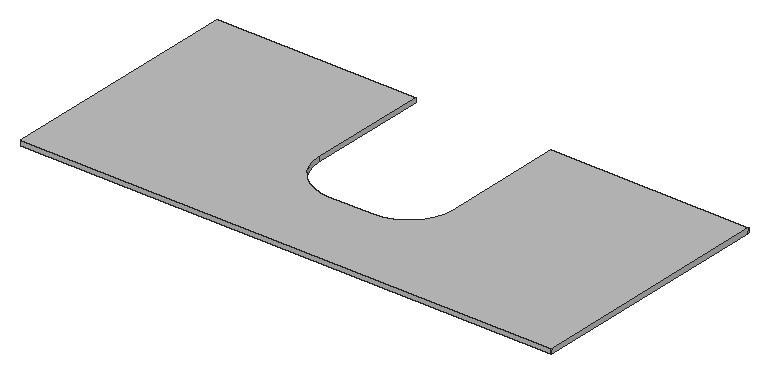
Revit family "console-hansgrohe-54210XXX-Xevolos E Console 1180_550 with cutout middle for countertop basin ground 500_480 and 600_480", category Furniture, Revit 2019
Family settings
  OmniClass Number = 23.40.00.00
  OmniClass Title = Equipment and Furnishings
  Work Plane-Based = No
  Always vertical = Yes
  Cut with Voids When Loaded = No
  Shared = Yes
  Room Calculation Point = No
Parameters (values of type "54210-54210700-MATTE_WHITE-400")
  etim7_EC011381 = "EC011381"
  WEIGHT = "4.4"
  UNSPSC = "56 | Furniture and Furnishings"
  UNIFORMATII = "E2010 | Fixed Furnishings"
  UNICLASS_2015_CODE = "40_30_78_05"
  UNICLASS2015 = "Pr_40_20_76_94 | Vanity units"
  SURFACE = "MATTE_WHITE"
  SPECIFICATION = "https://pro.hansgrohe.com/articledetail--54210700"
  REGIONSET = "Worldwide"
  PRODUCTGROUP = "console"
  PRODUCTFAMILY = "Xevolos E"
  PERMALINK = "54210XXX"
  OMNICLASS = "23-19 31 17 11 | Bathroom Units"
  OBJECTTYPE = "Object (single object)"
  NN = "Console with cutout for countertop basin ground"
  NBSYN = "$BASENUMBER.-$ARTNR.-$SURFACE.-$LODLEVEL."
  NB = "54210-54210700-MATTE_WHITE-400"
  NAME = "Xevolos E Console 1180/550 with cutout middle for countertop basin ground 500/480 and 600/480"
  Model = "54210-54210700-MATTE_WHITE-400"
  Manufacturer = "Hansgrohe"
  MIdent = "{$CADENAS_DATA/23d-libs/hansgrohe/xevolos_furniture/xevolos_console_cutout_for_countertop_basin_ground/console_with_cutout_for_countertop_basinground.prj},250 {VTYP=3D},{NB=54210-54210700-MATTE_WHITE-400},{LINA=54210-54210700-MATTE_WHITE-400},{NN=Console with cutout for countertop basin ground},{DATE=13.03.2023 11:42:46},{GEOMDATE=12.03.2023 06:46:48},{VERSION=},{LINEID=130},{WBVAR=LODLEVEL},{WBNUMERIC=}  {NB=54210-54210700-MATTE_WHITE-400},{LINA=54210-54210700-MATTE_WHITE-400},{KT=DUMMY},{IDNR=13},{ARTNR=54210700},{BASENUMBER=54210},{MODEL=54210XXX},{SURFACE=MATTE_WHITE},{L=1184},{LODLEVEL=400},{LODLEVELX='400','400','200','200'},{L1=300},{LL=592},{NAME=Xevolos E Console 1180/550 with cutout middle for countertop basin ground 500/480 and 600/480},{PERMALINK=54210XXX},{OBJECTTYPE=Object (single object)},{BIMOBJECT=Sanitary: Compound units},{PRODUCTFAMILY=Xevolos E},{PRODUCTGROUP=console},{WEIGHT=4.4},{DESCRIPTION=Xevolos E Console 1180/550 with cutout middle for countertop basin ground 500/480 and 600/480},{SPECIFICATION=https://pro.hansgrohe.com/articledetail--54210700},{PRODUCTURL=0},{GTINCODE=0},{TENDERURL=0},{IFC=Furnishing element},{ETIM=EC011381 | Bathroom furniture set},{UNICLASS2015=Pr_40_20_76_94 | Vanity units},{OMNICLASS=23-19 31 17 11 | Bathroom Units},{MASTERFORMAT=12 35 30.23 | Bathroom Casework},{UNSPSC=56 | Furniture and Furnishings},{UNIFORMATII=E2010 | Fixed Furnishings},{REGIONSET=Worldwide},{DESIGN=Germany},{MANUFACTURER=Germany}"
  MASTERFORMAT = "12 35 30.23 | Bathroom Casework"
  LODLEVEL = "400"
  LL = 592
  LINA = "54210-54210700-MATTE_WHITE-400"
  L1 = 300
  L = 1184
  IFC = "Furnishing element"
  IDNR = 13
  ETIM = "EC011381 | Bathroom furniture set"
  DESIGN = "Germany"
  CATALOG = "Hansgrohe"
  BIMOBJECT = "Sanitary: Compound units"
  BASENUMBER = "54210"
  ARTNR = "54210700"
  54210-54210780-SAND_MATT_BEIGE-400_RX0RY0RZ0TX0TY0TZ0_V = no
  54210-54210780-SAND_MATT_BEIGE-200_RX0RY0RZ0TX0TY0TZ0_V = no
  54210-54210760-SLATE_MATT_GREY-400_RX0RY0RZ0TX0TY0TZ0_V = no
  54210-54210760-SLATE_MATT_GREY-200_RX0RY0RZ0TX0TY0TZ0_V = no
  54210-54210700-MATTE_WHITE-400_RX0RY0RZ0TX0TY0TZ0_V = yes
  54210-54210700-MATTE_WHITE-200_RX0RY0RZ0TX0TY0TZ0_V = no
Types (6, lengths in mm): name | SURFACE | NB | Model | MIdent | LODLEVEL | LINA | IDNR | ARTNR | 54210-54210780-SAND_MATT_BEIGE-400_RX0RY0RZ0TX0TY0TZ0_V | 54210-54210780-SAND_MATT_BEIGE-200_RX0RY0RZ0TX0TY0TZ0_V | 54210-54210760-SLATE_MATT_GREY-400_RX0RY0RZ0TX0TY0TZ0_V | 54210-54210760-SLATE_MATT_GREY-200_RX0RY0RZ0TX0TY0TZ0_V | 54210-54210700-MATTE_WHITE-400_RX0RY0RZ0TX0TY0TZ0_V | 54210-54210700-MATTE_WHITE-200_RX0RY0RZ0TX0TY0TZ0_V
  54210-54210700-MATTE_WHITE-200 | "MATTE_WHITE" | "54210-54210700-MATTE_WHITE-200" | "54210-54210700-MATTE_WHITE-200" | "{$CADENAS_DATA/23d-libs/hansgrohe/xevolos_furniture/xevolos_console_cutout_for_countertop_basin_ground/console_with_cutout_for_countertop_basinground.prj},250 {VTYP=3D},{NB=54210-54210700-MATTE_WHITE-200},{LINA=54210-54210700-MATTE_WHITE-200},{NN=Console with cutout for countertop basin ground},{DATE=13.03.2023 11:42:46},{GEOMDATE=12.03.2023 06:46:48},{VERSION=},{LINEID=130},{WBVAR=LODLEVEL},{WBNUMERIC=}  {NB=54210-54210700-MATTE_WHITE-200},{LINA=54210-54210700-MATTE_WHITE-200},{KT=DUMMY},{IDNR=13},{ARTNR=54210700},{BASENUMBER=54210},{MODEL=54210XXX},{SURFACE=MATTE_WHITE},{L=1184},{LODLEVEL=200},{LODLEVELX='400','400','200','200'},{L1=300},{LL=592},{NAME=Xevolos E Console 1180/550 with cutout middle for countertop basin ground 500/480 and 600/480},{PERMALINK=54210XXX},{OBJECTTYPE=Object (single object)},{BIMOBJECT=Sanitary: Compound units},{PRODUCTFAMILY=Xevolos E},{PRODUCTGROUP=console},{WEIGHT=4.4},{DESCRIPTION=Xevolos E Console 1180/550 with cutout middle for countertop basin ground 500/480 and 600/480},{SPECIFICATION=https://pro.hansgrohe.com/articledetail--54210700},{PRODUCTURL=0},{GTINCODE=0},{TENDERURL=0},{IFC=Furnishing element},{ETIM=EC011381 | Bathroom furniture set},{UNICLASS2015=Pr_40_20_76_94 | Vanity units},{OMNICLASS=23-19 31 17 11 | Bathroom Units},{MASTERFORMAT=12 35 30.23 | Bathroom Casework},{UNSPSC=56 | Furniture and Furnishings},{UNIFORMATII=E2010 | Fixed Furnishings},{REGIONSET=Worldwide},{DESIGN=Germany},{MANUFACTURER=Germany}" | "200" | "54210-54210700-MATTE_WHITE-200" | 13 | "54210700" | no | no | no | no | no | yes
  54210-54210700-MATTE_WHITE-400 | "MATTE_WHITE" | "54210-54210700-MATTE_WHITE-400" | "54210-54210700-MATTE_WHITE-400" | "{$CADENAS_DATA/23d-libs/hansgrohe/xevolos_furniture/xevolos_console_cutout_for_countertop_basin_ground/console_with_cutout_for_countertop_basinground.prj},250 {VTYP=3D},{NB=54210-54210700-MATTE_WHITE-400},{LINA=54210-54210700-MATTE_WHITE-400},{NN=Console with cutout for countertop basin ground},{DATE=13.03.2023 11:42:46},{GEOMDATE=12.03.2023 06:46:48},{VERSION=},{LINEID=130},{WBVAR=LODLEVEL},{WBNUMERIC=}  {NB=54210-54210700-MATTE_WHITE-400},{LINA=54210-54210700-MATTE_WHITE-400},{KT=DUMMY},{IDNR=13},{ARTNR=54210700},{BASENUMBER=54210},{MODEL=54210XXX},{SURFACE=MATTE_WHITE},{L=1184},{LODLEVEL=400},{LODLEVELX='400','400','200','200'},{L1=300},{LL=592},{NAME=Xevolos E Console 1180/550 with cutout middle for countertop basin ground 500/480 and 600/480},{PERMALINK=54210XXX},{OBJECTTYPE=Object (single object)},{BIMOBJECT=Sanitary: Compound units},{PRODUCTFAMILY=Xevolos E},{PRODUCTGROUP=console},{WEIGHT=4.4},{DESCRIPTION=Xevolos E Console 1180/550 with cutout middle for countertop basin ground 500/480 and 600/480},{SPECIFICATION=https://pro.hansgrohe.com/articledetail--54210700},{PRODUCTURL=0},{GTINCODE=0},{TENDERURL=0},{IFC=Furnishing element},{ETIM=EC011381 | Bathroom furniture set},{UNICLASS2015=Pr_40_20_76_94 | Vanity units},{OMNICLASS=23-19 31 17 11 | Bathroom Units},{MASTERFORMAT=12 35 30.23 | Bathroom Casework},{UNSPSC=56 | Furniture and Furnishings},{UNIFORMATII=E2010 | Fixed Furnishings},{REGIONSET=Worldwide},{DESIGN=Germany},{MANUFACTURER=Germany}" | "400" | "54210-54210700-MATTE_WHITE-400" | 13 | "54210700" | no | no | no | no | yes | no
  54210-54210760-SLATE_MATT_GREY-200 | "SLATE_MATT_GREY" | "54210-54210760-SLATE_MATT_GREY-200" | "54210-54210760-SLATE_MATT_GREY-200" | "{$CADENAS_DATA/23d-libs/hansgrohe/xevolos_furniture/xevolos_console_cutout_for_countertop_basin_ground/console_with_cutout_for_countertop_basinground.prj},258 {VTYP=3D},{NB=54210-54210760-SLATE_MATT_GREY-200},{LINA=54210-54210760-SLATE_MATT_GREY-200},{NN=Console with cutout for countertop basin ground},{DATE=13.03.2023 11:42:46},{GEOMDATE=12.03.2023 06:46:48},{VERSION=},{LINEID=140},{WBVAR=LODLEVEL},{WBNUMERIC=}  {NB=54210-54210760-SLATE_MATT_GREY-200},{LINA=54210-54210760-SLATE_MATT_GREY-200},{KT=DUMMY},{IDNR=14},{ARTNR=54210760},{BASENUMBER=54210},{MODEL=54210XXX},{SURFACE=SLATE_MATT_GREY},{L=1184},{LODLEVEL=200},{LODLEVELX='400','400','200','200'},{L1=300},{LL=592},{NAME=Xevolos E Console 1180/550 with cutout middle for countertop basin ground 500/480 and 600/480},{PERMALINK=54210XXX},{OBJECTTYPE=Object (single object)},{BIMOBJECT=Sanitary: Compound units},{PRODUCTFAMILY=Xevolos E},{PRODUCTGROUP=console},{WEIGHT=4.4},{DESCRIPTION=Xevolos E Console 1180/550 with cutout middle for countertop basin ground 500/480 and 600/480},{SPECIFICATION=https://pro.hansgrohe.com/articledetail--54210700},{PRODUCTURL=0},{GTINCODE=0},{TENDERURL=0},{IFC=Furnishing element},{ETIM=EC011381 | Bathroom furniture set},{UNICLASS2015=Pr_40_20_76_94 | Vanity units},{OMNICLASS=23-19 31 17 11 | Bathroom Units},{MASTERFORMAT=12 35 30.23 | Bathroom Casework},{UNSPSC=56 | Furniture and Furnishings},{UNIFORMATII=E2010 | Fixed Furnishings},{REGIONSET=Worldwide},{DESIGN=Germany},{MANUFACTURER=Germany}" | "200" | "54210-54210760-SLATE_MATT_GREY-200" | 14 | "54210760" | no | no | no | yes | no | no
  54210-54210760-SLATE_MATT_GREY-400 | "SLATE_MATT_GREY" | "54210-54210760-SLATE_MATT_GREY-400" | "54210-54210760-SLATE_MATT_GREY-400" | "{$CADENAS_DATA/23d-libs/hansgrohe/xevolos_furniture/xevolos_console_cutout_for_countertop_basin_ground/console_with_cutout_for_countertop_basinground.prj},258 {VTYP=3D},{NB=54210-54210760-SLATE_MATT_GREY-400},{LINA=54210-54210760-SLATE_MATT_GREY-400},{NN=Console with cutout for countertop basin ground},{DATE=13.03.2023 11:42:46},{GEOMDATE=12.03.2023 06:46:48},{VERSION=},{LINEID=140},{WBVAR=LODLEVEL},{WBNUMERIC=}  {NB=54210-54210760-SLATE_MATT_GREY-400},{LINA=54210-54210760-SLATE_MATT_GREY-400},{KT=DUMMY},{IDNR=14},{ARTNR=54210760},{BASENUMBER=54210},{MODEL=54210XXX},{SURFACE=SLATE_MATT_GREY},{L=1184},{LODLEVEL=400},{LODLEVELX='400','400','200','200'},{L1=300},{LL=592},{NAME=Xevolos E Console 1180/550 with cutout middle for countertop basin ground 500/480 and 600/480},{PERMALINK=54210XXX},{OBJECTTYPE=Object (single object)},{BIMOBJECT=Sanitary: Compound units},{PRODUCTFAMILY=Xevolos E},{PRODUCTGROUP=console},{WEIGHT=4.4},{DESCRIPTION=Xevolos E Console 1180/550 with cutout middle for countertop basin ground 500/480 and 600/480},{SPECIFICATION=https://pro.hansgrohe.com/articledetail--54210700},{PRODUCTURL=0},{GTINCODE=0},{TENDERURL=0},{IFC=Furnishing element},{ETIM=EC011381 | Bathroom furniture set},{UNICLASS2015=Pr_40_20_76_94 | Vanity units},{OMNICLASS=23-19 31 17 11 | Bathroom Units},{MASTERFORMAT=12 35 30.23 | Bathroom Casework},{UNSPSC=56 | Furniture and Furnishings},{UNIFORMATII=E2010 | Fixed Furnishings},{REGIONSET=Worldwide},{DESIGN=Germany},{MANUFACTURER=Germany}" | "400" | "54210-54210760-SLATE_MATT_GREY-400" | 14 | "54210760" | no | no | yes | no | no | no
  54210-54210780-SAND_MATT_BEIGE-200 | "SAND_MATT_BEIGE" | "54210-54210780-SAND_MATT_BEIGE-200" | "54210-54210780-SAND_MATT_BEIGE-200" | "{$CADENAS_DATA/23d-libs/hansgrohe/xevolos_furniture/xevolos_console_cutout_for_countertop_basin_ground/console_with_cutout_for_countertop_basinground.prj},258 {VTYP=3D},{NB=54210-54210780-SAND_MATT_BEIGE-200},{LINA=54210-54210780-SAND_MATT_BEIGE-200},{NN=Console with cutout for countertop basin ground},{DATE=13.03.2023 11:42:46},{GEOMDATE=12.03.2023 06:46:48},{VERSION=},{LINEID=150},{WBVAR=LODLEVEL},{WBNUMERIC=}  {NB=54210-54210780-SAND_MATT_BEIGE-200},{LINA=54210-54210780-SAND_MATT_BEIGE-200},{KT=DUMMY},{IDNR=15},{ARTNR=54210780},{BASENUMBER=54210},{MODEL=54210XXX},{SURFACE=SAND_MATT_BEIGE},{L=1184},{LODLEVEL=200},{LODLEVELX='400','400','200','200'},{L1=300},{LL=592},{NAME=Xevolos E Console 1180/550 with cutout middle for countertop basin ground 500/480 and 600/480},{PERMALINK=54210XXX},{OBJECTTYPE=Object (single object)},{BIMOBJECT=Sanitary: Compound units},{PRODUCTFAMILY=Xevolos E},{PRODUCTGROUP=console},{WEIGHT=4.4},{DESCRIPTION=Xevolos E Console 1180/550 with cutout middle for countertop basin ground 500/480 and 600/480},{SPECIFICATION=https://pro.hansgrohe.com/articledetail--54210700},{PRODUCTURL=0},{GTINCODE=0},{TENDERURL=0},{IFC=Furnishing element},{ETIM=EC011381 | Bathroom furniture set},{UNICLASS2015=Pr_40_20_76_94 | Vanity units},{OMNICLASS=23-19 31 17 11 | Bathroom Units},{MASTERFORMAT=12 35 30.23 | Bathroom Casework},{UNSPSC=56 | Furniture and Furnishings},{UNIFORMATII=E2010 | Fixed Furnishings},{REGIONSET=Worldwide},{DESIGN=Germany},{MANUFACTURER=Germany}" | "200" | "54210-54210780-SAND_MATT_BEIGE-200" | 15 | "54210780" | no | yes | no | no | no | no
  54210-54210780-SAND_MATT_BEIGE-400 | "SAND_MATT_BEIGE" | "54210-54210780-SAND_MATT_BEIGE-400" | "54210-54210780-SAND_MATT_BEIGE-400" | "{$CADENAS_DATA/23d-libs/hansgrohe/xevolos_furniture/xevolos_console_cutout_for_countertop_basin_ground/console_with_cutout_for_countertop_basinground.prj},258 {VTYP=3D},{NB=54210-54210780-SAND_MATT_BEIGE-400},{LINA=54210-54210780-SAND_MATT_BEIGE-400},{NN=Console with cutout for countertop basin ground},{DATE=13.03.2023 11:42:46},{GEOMDATE=12.03.2023 06:46:48},{VERSION=},{LINEID=150},{WBVAR=LODLEVEL},{WBNUMERIC=}  {NB=54210-54210780-SAND_MATT_BEIGE-400},{LINA=54210-54210780-SAND_MATT_BEIGE-400},{KT=DUMMY},{IDNR=15},{ARTNR=54210780},{BASENUMBER=54210},{MODEL=54210XXX},{SURFACE=SAND_MATT_BEIGE},{L=1184},{LODLEVEL=400},{LODLEVELX='400','400','200','200'},{L1=300},{LL=592},{NAME=Xevolos E Console 1180/550 with cutout middle for countertop basin ground 500/480 and 600/480},{PERMALINK=54210XXX},{OBJECTTYPE=Object (single object)},{BIMOBJECT=Sanitary: Compound units},{PRODUCTFAMILY=Xevolos E},{PRODUCTGROUP=console},{WEIGHT=4.4},{DESCRIPTION=Xevolos E Console 1180/550 with cutout middle for countertop basin ground 500/480 and 600/480},{SPECIFICATION=https://pro.hansgrohe.com/articledetail--54210700},{PRODUCTURL=0},{GTINCODE=0},{TENDERURL=0},{IFC=Furnishing element},{ETIM=EC011381 | Bathroom furniture set},{UNICLASS2015=Pr_40_20_76_94 | Vanity units},{OMNICLASS=23-19 31 17 11 | Bathroom Units},{MASTERFORMAT=12 35 30.23 | Bathroom Casework},{UNSPSC=56 | Furniture and Furnishings},{UNIFORMATII=E2010 | Fixed Furnishings},{REGIONSET=Worldwide},{DESIGN=Germany},{MANUFACTURER=Germany}" | "400" | "54210-54210780-SAND_MATT_BEIGE-400" | 15 | "54210780" | yes | no | no | no | no | no
Reference planes
  plane 1 "Center (Front/Back)": y = 0
  plane 2: z = 0
  plane 3 "Center (Left/Right)": x = 0
Dimensions and locks
  aligned and locked: level to plane 2
Nested families
  nested 1: "54210-54210700-matte_white-200_content" at (0, 0, 0), visible <- "54210-54210700-MATTE_WHITE-200_RX0RY0RZ0TX0TY0TZ0_V", ContentVisible <- "54210-54210700-MATTE_WHITE-200_RX0RY0RZ0TX0TY0TZ0_V", type "54210-54210700-MATTE_WHITE-200_Content"
    with ContentVisible no
  nested 2: "54210-54210700-matte_white-400_content" at (0, 0, 0), visible <- "54210-54210700-MATTE_WHITE-400_RX0RY0RZ0TX0TY0TZ0_V", ContentVisible <- "54210-54210700-MATTE_WHITE-400_RX0RY0RZ0TX0TY0TZ0_V", type "54210-54210700-MATTE_WHITE-400_Content"
    with ContentVisible yes
  nested 3: "54210-54210760-slate_matt_grey-200_content" at (0, 0, 0), visible <- "54210-54210760-SLATE_MATT_GREY-200_RX0RY0RZ0TX0TY0TZ0_V", ContentVisible <- "54210-54210760-SLATE_MATT_GREY-200_RX0RY0RZ0TX0TY0TZ0_V", type "54210-54210760-SLATE_MATT_GREY-200_Content"
    with ContentVisible no
  nested 4: "54210-54210760-slate_matt_grey-400_content" at (0, 0, 0), visible <- "54210-54210760-SLATE_MATT_GREY-400_RX0RY0RZ0TX0TY0TZ0_V", ContentVisible <- "54210-54210760-SLATE_MATT_GREY-400_RX0RY0RZ0TX0TY0TZ0_V", type "54210-54210760-SLATE_MATT_GREY-400_Content"
    with ContentVisible no
  nested 5: "54210-54210780-sand_matt_beige-200_content" at (0, 0, 0), visible <- "54210-54210780-SAND_MATT_BEIGE-200_RX0RY0RZ0TX0TY0TZ0_V", ContentVisible <- "54210-54210780-SAND_MATT_BEIGE-200_RX0RY0RZ0TX0TY0TZ0_V", type "54210-54210780-SAND_MATT_BEIGE-200_Content"
    with ContentVisible no
  nested 6: "54210-54210780-sand_matt_beige-400_content" at (0, 0, 0), visible <- "54210-54210780-SAND_MATT_BEIGE-400_RX0RY0RZ0TX0TY0TZ0_V", ContentVisible <- "54210-54210780-SAND_MATT_BEIGE-400_RX0RY0RZ0TX0TY0TZ0_V", type "54210-54210780-SAND_MATT_BEIGE-400_Content"
    with ContentVisible no
Definition of nested family "54210-54210700-matte_white-400_content"
  Parameters (values of type "54210-54210700-MATTE_WHITE-400_Content")
    etim7_EC011381 = "EC011381"
    WEIGHT = "4.4"
    UNSPSC = "56 | Furniture and Furnishings"
    UNIFORMATII = "E2010 | Fixed Furnishings"
    UNICLASS_2015_CODE = "40_30_78_05"
    UNICLASS2015 = "Pr_40_20_76_94 | Vanity units"
    SURFACE = "MATTE_WHITE"
    SPECIFICATION = "https://pro.hansgrohe.com/articledetail--54210700"
    REGIONSET = "Worldwide"
    PRODUCTGROUP = "console"
    PRODUCTFAMILY = "Xevolos E"
    PERMALINK = "54210XXX"
    OMNICLASS = "23-19 31 17 11 | Bathroom Units"
    OBJECTTYPE = "Object (single object)"
    NN = "Console with cutout for countertop basin ground"
    NBSYN = "$BASENUMBER.-$ARTNR.-$SURFACE.-$LODLEVEL."
    NB = "54210-54210700-MATTE_WHITE-400"
    NAME = "Xevolos E Console 1180/550 with cutout middle for countertop basin ground 500/480 and 600/480"
    Model = "54210-54210700-MATTE_WHITE-400"
    Manufacturer = "Hansgrohe"
    MASTERFORMAT = "12 35 30.23 | Bathroom Casework"
    LODLEVEL = "400"
    LL = 592
    LINA = "54210-54210700-MATTE_WHITE-400"
    L1 = 300
    L = 1184
    IFC = "Furnishing element"
    IDNR = 13
    ETIM = "EC011381 | Bathroom furniture set"
    Default Elevation = 1219.2 mm
    DESIGN = "Germany"
    ContentVisible [instance] = yes
    CATALOG = "Hansgrohe"
    BIMOBJECT = "Sanitary: Compound units"
    BASENUMBER = "54210"
    ARTNR = "54210700"
  Reference planes
    plane 1 "Center (Front/Back)": y = 0
    plane 2: z = 0
    plane 3 "Center (Left/Right)": x = 0
  Forms (mm)
    Extrusion 1, solid, visible <- "ContentVisible", detail levels medium+fine
      sketch origin (0, 0, 0) x (1, 0, 0) y (0, 1, 0)
        loop
          line (-592, -1.5) -> (-592, -548.5)
          arc (-592, -548.5) -> (-591.561, -549.561) -> (-590.5, -550) r 1.5
          line (-590.5, -550) -> (590.5, -550)
          arc (590.5, -550) -> (591.561, -549.561) -> (592, -548.5) r 1.5
          line (592, -548.5) -> (592, -1.5)
          arc (592, -1.5) -> (591.561, -0.439) -> (590.5, 0) r 1.5
          line (590.5, 0) -> (150, 0) -> (150, -270)
          arc (150, -270) -> (120.711, -340.711) -> (50, -370) r 100
          line (50, -370) -> (-50, -370)
          arc (-50, -370) -> (-120.711, -340.711) -> (-150, -270) r 100
          line (-150, -270) -> (-150, 0) -> (-590.5, 0)
          arc (-590.5, 0) -> (-591.561, -0.439) -> (-592, -1.5) r 1.5
      from 0 to 10
    Extrusion 2, solid, visible <- "ContentVisible", detail levels coarse
      sketch origin (0, -275, 0) x (1, 0, 0) y (0, 1, 0)
        loop
          line (-592, -275) -> (592, -275) -> (592, 275) -> (-592, 275) -> (-592, -275)
      from 0 to 10
  Dimensions and locks
    aligned and locked: level to plane 2
Definition of nested family "54210-54210700-matte_white-200_content"
  Parameters (values of type "54210-54210700-MATTE_WHITE-200_Content")
    etim7_EC011381 = "EC011381"
    WEIGHT = "4.4"
    UNSPSC = "56 | Furniture and Furnishings"
    UNIFORMATII = "E2010 | Fixed Furnishings"
    UNICLASS_2015_CODE = "40_30_78_05"
    UNICLASS2015 = "Pr_40_20_76_94 | Vanity units"
    SURFACE = "MATTE_WHITE"
    SPECIFICATION = "https://pro.hansgrohe.com/articledetail--54210700"
    REGIONSET = "Worldwide"
    PRODUCTGROUP = "console"
    PRODUCTFAMILY = "Xevolos E"
    PERMALINK = "54210XXX"
    OMNICLASS = "23-19 31 17 11 | Bathroom Units"
    OBJECTTYPE = "Object (single object)"
    NN = "Console with cutout for countertop basin ground"
    NBSYN = "$BASENUMBER.-$ARTNR.-$SURFACE.-$LODLEVEL."
    NB = "54210-54210700-MATTE_WHITE-200"
    NAME = "Xevolos E Console 1180/550 with cutout middle for countertop basin ground 500/480 and 600/480"
    Model = "54210-54210700-MATTE_WHITE-200"
    Manufacturer = "Hansgrohe"
    MASTERFORMAT = "12 35 30.23 | Bathroom Casework"
    LODLEVEL = "200"
    LL = 592
    LINA = "54210-54210700-MATTE_WHITE-200"
    L1 = 300
    L = 1184
    IFC = "Furnishing element"
    IDNR = 13
    ETIM = "EC011381 | Bathroom furniture set"
    Default Elevation = 1219.2 mm
    DESIGN = "Germany"
    ContentVisible [instance] = yes
    CATALOG = "Hansgrohe"
    BIMOBJECT = "Sanitary: Compound units"
    BASENUMBER = "54210"
    ARTNR = "54210700"
  Reference planes
    plane 1 "Center (Front/Back)": y = 0
    plane 2: z = 0
    plane 3 "Center (Left/Right)": x = 0
  Forms (mm)
    Extrusion 1, solid, visible <- "ContentVisible", detail levels medium+fine
      sketch origin (0, 0, 0) x (1, 0, 0) y (0, 1, 0)
        loop
          line (-592, 0) -> (-592, -550) -> (592, -550) -> (592, 0) -> (150, 0) -> (150, -460) -> (-150, -460) -> (-150, 0) -> (-592, 0)
      from 0 to 10
    Extrusion 2, solid, visible <- "ContentVisible", detail levels coarse
      sketch origin (0, -275, 0) x (1, 0, 0) y (0, 1, 0)
        loop
          line (-592, -275) -> (592, -275) -> (592, 275) -> (-592, 275) -> (-592, -275)
      from 0 to 10
  Dimensions and locks
    aligned and locked: level to plane 2
Definition of nested family "54210-54210760-slate_matt_grey-200_content"
  Parameters (values of type "54210-54210760-SLATE_MATT_GREY-200_Content")
    etim7_EC011381 = "EC011381"
    WEIGHT = "4.4"
    UNSPSC = "56 | Furniture and Furnishings"
    UNIFORMATII = "E2010 | Fixed Furnishings"
    UNICLASS_2015_CODE = "40_30_78_05"
    UNICLASS2015 = "Pr_40_20_76_94 | Vanity units"
    SURFACE = "SLATE_MATT_GREY"
    SPECIFICATION = "https://pro.hansgrohe.com/articledetail--54210700"
    REGIONSET = "Worldwide"
    PRODUCTGROUP = "console"
    PRODUCTFAMILY = "Xevolos E"
    PERMALINK = "54210XXX"
    OMNICLASS = "23-19 31 17 11 | Bathroom Units"
    OBJECTTYPE = "Object (single object)"
    NN = "Console with cutout for countertop basin ground"
    NBSYN = "$BASENUMBER.-$ARTNR.-$SURFACE.-$LODLEVEL."
    NB = "54210-54210760-SLATE_MATT_GREY-200"
    NAME = "Xevolos E Console 1180/550 with cutout middle for countertop basin ground 500/480 and 600/480"
    Model = "54210-54210760-SLATE_MATT_GREY-200"
    Manufacturer = "Hansgrohe"
    MASTERFORMAT = "12 35 30.23 | Bathroom Casework"
    LODLEVEL = "200"
    LL = 592
    LINA = "54210-54210760-SLATE_MATT_GREY-200"
    L1 = 300
    L = 1184
    IFC = "Furnishing element"
    IDNR = 14
    ETIM = "EC011381 | Bathroom furniture set"
    Default Elevation = 1219.2 mm
    DESIGN = "Germany"
    ContentVisible [instance] = yes
    CATALOG = "Hansgrohe"
    BIMOBJECT = "Sanitary: Compound units"
    BASENUMBER = "54210"
    ARTNR = "54210760"
  Reference planes
    plane 1 "Center (Front/Back)": y = 0
    plane 2: z = 0
    plane 3 "Center (Left/Right)": x = 0
  Forms (mm)
    Extrusion 1, solid, visible <- "ContentVisible", detail levels medium+fine
      sketch origin (0, 0, 0) x (1, 0, 0) y (0, 1, 0)
        loop
          line (-592, 0) -> (-592, -550) -> (592, -550) -> (592, 0) -> (150, 0) -> (150, -460) -> (-150, -460) -> (-150, 0) -> (-592, 0)
      from 0 to 10
    Extrusion 2, solid, visible <- "ContentVisible", detail levels coarse
      sketch origin (0, -275, 0) x (1, 0, 0) y (0, 1, 0)
        loop
          line (-592, -275) -> (592, -275) -> (592, 275) -> (-592, 275) -> (-592, -275)
      from 0 to 10
  Dimensions and locks
    aligned and locked: level to plane 2
Definition of nested family "54210-54210760-slate_matt_grey-400_content"
  Parameters (values of type "54210-54210760-SLATE_MATT_GREY-400_Content")
    etim7_EC011381 = "EC011381"
    WEIGHT = "4.4"
    UNSPSC = "56 | Furniture and Furnishings"
    UNIFORMATII = "E2010 | Fixed Furnishings"
    UNICLASS_2015_CODE = "40_30_78_05"
    UNICLASS2015 = "Pr_40_20_76_94 | Vanity units"
    SURFACE = "SLATE_MATT_GREY"
    SPECIFICATION = "https://pro.hansgrohe.com/articledetail--54210700"
    REGIONSET = "Worldwide"
    PRODUCTGROUP = "console"
    PRODUCTFAMILY = "Xevolos E"
    PERMALINK = "54210XXX"
    OMNICLASS = "23-19 31 17 11 | Bathroom Units"
    OBJECTTYPE = "Object (single object)"
    NN = "Console with cutout for countertop basin ground"
    NBSYN = "$BASENUMBER.-$ARTNR.-$SURFACE.-$LODLEVEL."
    NB = "54210-54210760-SLATE_MATT_GREY-400"
    NAME = "Xevolos E Console 1180/550 with cutout middle for countertop basin ground 500/480 and 600/480"
    Model = "54210-54210760-SLATE_MATT_GREY-400"
    Manufacturer = "Hansgrohe"
    MASTERFORMAT = "12 35 30.23 | Bathroom Casework"
    LODLEVEL = "400"
    LL = 592
    LINA = "54210-54210760-SLATE_MATT_GREY-400"
    L1 = 300
    L = 1184
    IFC = "Furnishing element"
    IDNR = 14
    ETIM = "EC011381 | Bathroom furniture set"
    Default Elevation = 1219.2 mm
    DESIGN = "Germany"
    ContentVisible [instance] = yes
    CATALOG = "Hansgrohe"
    BIMOBJECT = "Sanitary: Compound units"
    BASENUMBER = "54210"
    ARTNR = "54210760"
  Reference planes
    plane 1 "Center (Front/Back)": y = 0
    plane 2: z = 0
    plane 3 "Center (Left/Right)": x = 0
  Forms (mm)
    Extrusion 1, solid, visible <- "ContentVisible", detail levels medium+fine
      sketch origin (0, 0, 0) x (1, 0, 0) y (0, 1, 0)
        loop
          line (-592, -1.5) -> (-592, -548.5)
          arc (-592, -548.5) -> (-591.561, -549.561) -> (-590.5, -550) r 1.5
          line (-590.5, -550) -> (590.5, -550)
          arc (590.5, -550) -> (591.561, -549.561) -> (592, -548.5) r 1.5
          line (592, -548.5) -> (592, -1.5)
          arc (592, -1.5) -> (591.561, -0.439) -> (590.5, 0) r 1.5
          line (590.5, 0) -> (150, 0) -> (150, -270)
          arc (150, -270) -> (120.711, -340.711) -> (50, -370) r 100
          line (50, -370) -> (-50, -370)
          arc (-50, -370) -> (-120.711, -340.711) -> (-150, -270) r 100
          line (-150, -270) -> (-150, 0) -> (-590.5, 0)
          arc (-590.5, 0) -> (-591.561, -0.439) -> (-592, -1.5) r 1.5
      from 0 to 10
    Extrusion 2, solid, visible <- "ContentVisible", detail levels coarse
      sketch origin (0, -275, 0) x (1, 0, 0) y (0, 1, 0)
        loop
          line (-592, -275) -> (592, -275) -> (592, 275) -> (-592, 275) -> (-592, -275)
      from 0 to 10
  Dimensions and locks
    aligned and locked: level to plane 2
Definition of nested family "54210-54210780-sand_matt_beige-200_content"
  Parameters (values of type "54210-54210780-SAND_MATT_BEIGE-200_Content")
    etim7_EC011381 = "EC011381"
    WEIGHT = "4.4"
    UNSPSC = "56 | Furniture and Furnishings"
    UNIFORMATII = "E2010 | Fixed Furnishings"
    UNICLASS_2015_CODE = "40_30_78_05"
    UNICLASS2015 = "Pr_40_20_76_94 | Vanity units"
    SURFACE = "SAND_MATT_BEIGE"
    SPECIFICATION = "https://pro.hansgrohe.com/articledetail--54210700"
    REGIONSET = "Worldwide"
    PRODUCTGROUP = "console"
    PRODUCTFAMILY = "Xevolos E"
    PERMALINK = "54210XXX"
    OMNICLASS = "23-19 31 17 11 | Bathroom Units"
    OBJECTTYPE = "Object (single object)"
    NN = "Console with cutout for countertop basin ground"
    NBSYN = "$BASENUMBER.-$ARTNR.-$SURFACE.-$LODLEVEL."
    NB = "54210-54210780-SAND_MATT_BEIGE-200"
    NAME = "Xevolos E Console 1180/550 with cutout middle for countertop basin ground 500/480 and 600/480"
    Model = "54210-54210780-SAND_MATT_BEIGE-200"
    Manufacturer = "Hansgrohe"
    MASTERFORMAT = "12 35 30.23 | Bathroom Casework"
    LODLEVEL = "200"
    LL = 592
    LINA = "54210-54210780-SAND_MATT_BEIGE-200"
    L1 = 300
    L = 1184
    IFC = "Furnishing element"
    IDNR = 15
    ETIM = "EC011381 | Bathroom furniture set"
    Default Elevation = 1219.2 mm
    DESIGN = "Germany"
    ContentVisible [instance] = yes
    CATALOG = "Hansgrohe"
    BIMOBJECT = "Sanitary: Compound units"
    BASENUMBER = "54210"
    ARTNR = "54210780"
  Reference planes
    plane 1 "Center (Front/Back)": y = 0
    plane 2: z = 0
    plane 3 "Center (Left/Right)": x = 0
  Forms (mm)
    Extrusion 1, solid, visible <- "ContentVisible", detail levels medium+fine
      sketch origin (0, 0, 0) x (1, 0, 0) y (0, 1, 0)
        loop
          line (-592, 0) -> (-592, -550) -> (592, -550) -> (592, 0) -> (150, 0) -> (150, -460) -> (-150, -460) -> (-150, 0) -> (-592, 0)
      from 0 to 10
    Extrusion 2, solid, visible <- "ContentVisible", detail levels coarse
      sketch origin (0, -275, 0) x (1, 0, 0) y (0, 1, 0)
        loop
          line (-592, -275) -> (592, -275) -> (592, 275) -> (-592, 275) -> (-592, -275)
      from 0 to 10
  Dimensions and locks
    aligned and locked: level to plane 2
Definition of nested family "54210-54210780-sand_matt_beige-400_content"
  Parameters (values of type "54210-54210780-SAND_MATT_BEIGE-400_Content")
    etim7_EC011381 = "EC011381"
    WEIGHT = "4.4"
    UNSPSC = "56 | Furniture and Furnishings"
    UNIFORMATII = "E2010 | Fixed Furnishings"
    UNICLASS_2015_CODE = "40_30_78_05"
    UNICLASS2015 = "Pr_40_20_76_94 | Vanity units"
    SURFACE = "SAND_MATT_BEIGE"
    SPECIFICATION = "https://pro.hansgrohe.com/articledetail--54210700"
    REGIONSET = "Worldwide"
    PRODUCTGROUP = "console"
    PRODUCTFAMILY = "Xevolos E"
    PERMALINK = "54210XXX"
    OMNICLASS = "23-19 31 17 11 | Bathroom Units"
    OBJECTTYPE = "Object (single object)"
    NN = "Console with cutout for countertop basin ground"
    NBSYN = "$BASENUMBER.-$ARTNR.-$SURFACE.-$LODLEVEL."
    NB = "54210-54210780-SAND_MATT_BEIGE-400"
    NAME = "Xevolos E Console 1180/550 with cutout middle for countertop basin ground 500/480 and 600/480"
    Model = "54210-54210780-SAND_MATT_BEIGE-400"
    Manufacturer = "Hansgrohe"
    MASTERFORMAT = "12 35 30.23 | Bathroom Casework"
    LODLEVEL = "400"
    LL = 592
    LINA = "54210-54210780-SAND_MATT_BEIGE-400"
    L1 = 300
    L = 1184
    IFC = "Furnishing element"
    IDNR = 15
    ETIM = "EC011381 | Bathroom furniture set"
    Default Elevation = 1219.2 mm
    DESIGN = "Germany"
    ContentVisible [instance] = yes
    CATALOG = "Hansgrohe"
    BIMOBJECT = "Sanitary: Compound units"
    BASENUMBER = "54210"
    ARTNR = "54210780"
  Reference planes
    plane 1 "Center (Front/Back)": y = 0
    plane 2: z = 0
    plane 3 "Center (Left/Right)": x = 0
  Forms (mm)
    Extrusion 1, solid, visible <- "ContentVisible", detail levels medium+fine
      sketch origin (0, 0, 0) x (1, 0, 0) y (0, 1, 0)
        loop
          line (-592, -1.5) -> (-592, -548.5)
          arc (-592, -548.5) -> (-591.561, -549.561) -> (-590.5, -550) r 1.5
          line (-590.5, -550) -> (590.5, -550)
          arc (590.5, -550) -> (591.561, -549.561) -> (592, -548.5) r 1.5
          line (592, -548.5) -> (592, -1.5)
          arc (592, -1.5) -> (591.561, -0.439) -> (590.5, 0) r 1.5
          line (590.5, 0) -> (150, 0) -> (150, -270)
          arc (150, -270) -> (120.711, -340.711) -> (50, -370) r 100
          line (50, -370) -> (-50, -370)
          arc (-50, -370) -> (-120.711, -340.711) -> (-150, -270) r 100
          line (-150, -270) -> (-150, 0) -> (-590.5, 0)
          arc (-590.5, 0) -> (-591.561, -0.439) -> (-592, -1.5) r 1.5
      from 0 to 10
    Extrusion 2, solid, visible <- "ContentVisible", detail levels coarse
      sketch origin (0, -275, 0) x (1, 0, 0) y (0, 1, 0)
        loop
          line (-592, -275) -> (592, -275) -> (592, 275) -> (-592, 275) -> (-592, -275)
      from 0 to 10
  Dimensions and locks
    aligned and locked: level to plane 2
